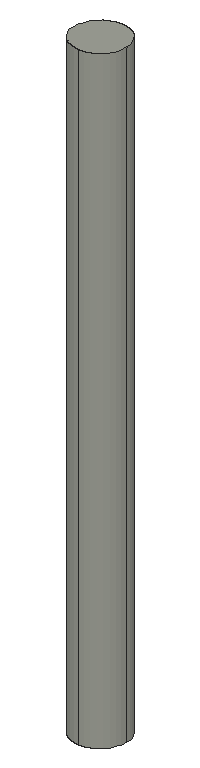
Revit family "Pilar_Con_Circular", category Structural Columns, Revit 2025
Family settings
  Display in Hidden Views = Edges Hidden by Other Members
  Section Shape = Not Defined
  Material for Model Behavior = Concrete
  Always export as geometry = No
  Beam cutback in plan = From geometry
  OmniClass Number = 23.25.30.11.14.11
  OmniClass Title = Columns
  Cut with Voids When Loaded = No
  Symbolic Representation = From Family
  Shared = No
  Show family pre-cut in plan views = Yes
Parameters (values of type "PIL_075_BLC_CON_CIR")
  Structural Material [instance] = CT_Concreto
  Raio_Coluna = 200 mm
  Deslocamento_Eixo_Vertical [instance] = 0 mm
  Deslocamento_Eixo_Horiz [instance] = 0 mm
  Concreto_Capitel = CT_Concreto
Types (2, lengths in mm): name | Structural Material
  PIL_075_BLC_CON_CIR | CT_Concreto
  PIL_040_BLC_CON_CIR | none
Reference planes
  plane 1 "Center (Front/Back)": y = 0
  plane 2: z = 0
  plane 3 "Center (Left/Right)": x = 0
  plane 4: y = 0
  plane 5: x = 0
Forms (mm)
  Extrusion 1, solid, material "CT_Concreto" <- "Structural Material"
    sketch origin (0, 0, 0) x (1, 0, 0) y (0, 1, 0)
      loop
        arc (0, 200) -> (-141.421, 141.421) -> (-200, 0) r 200
        arc (-200, 0) -> (-141.421, -141.421) -> (0, -200) r 200
        arc (0, -200) -> (141.421, -141.421) -> (200, 0) r 200
        arc (200, 0) -> (141.421, 141.421) -> (0, 200) r 200
    from 0 to 4700
Dimensions and locks
  "Deslocamento_Eixo_Horiz": plane 1 "Center (Front/Back)" to plane 4
  "Deslocamento_Eixo_Vertical": plane 3 "Center (Left/Right)" to plane 5
  "Raio_Coluna": radius of Extrusion 1 sketch curve  (x2)
  aligned and locked: level to plane 2
  aligned and locked: Extrusion 1 to plane 2
  aligned and locked: plane 5 to Extrusion 1 sketch curve  (x2)
  aligned and locked: Extrusion 1 sketch curve to plane 4
  aligned and locked: level to Extrusion 1
  aligned and locked: Extrusion 1 to level
